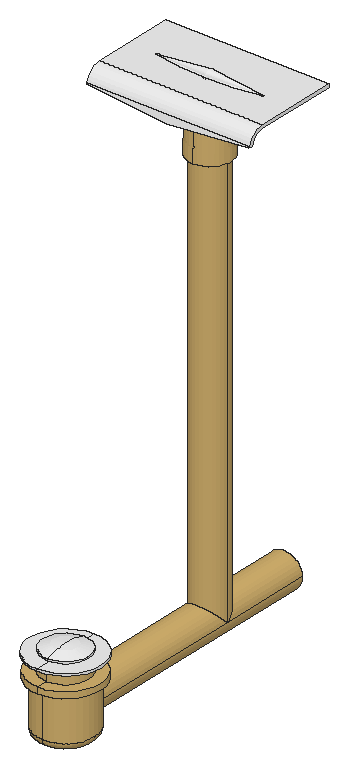
Revit family "Drain-Bath-American_Standard-Deep_Soak-1599_Series", category Mechanical Equipment, Revit 2014
Parameters (values of type "1599.205.002")
  Water Connection Diameter = 1 1/2"  # constant formula
  Waste Connection = yes
  Warranty Information = "Limited Lifetime Function and Finish Warranty"  # constant formula
  WFU = 4  # constant formula
  Vertical Connection Diameter = if(Vertical Length < 1", 0", 1 1/2")  # 0"
  Vertical Connection Description = if(Vertical Length < 1", " ", "1-1/2'' Waste Outlet")  # " "
  Vent Connection = no
  URL = "http://www.americanstandard-us.com/"
  Tub Base Thickness [instance] = 5/8"
  Specification = "Single control lavatory fitting shall feature a cast brass body and escutcheon with all metal handle. Shall also feature washerless ceramic disc valve cartridge with integral hot limit safety stop. Shall also feature a metal drain body with stainless steel cable actuation."  # constant formula
  Product Page URL = "https://www.americanstandard-us.com/bathroom/bath-drains/deep-soak-max-drain-17663"
  Product Documentation Link = "https://www.americanstandard-us.com/-/media/sites/asus/files/product-instruction-manuals/bulk/installation1599205.pdf?la=en"
  Price = "Prices may vary. Please consult Manufacturer Representative for most up-to-date price list."  # constant formula
  Pop-up drain handle = no
  Vertical Length = if(Above Floor, 0", 4")  # 0"
  Model = "1599.205.002"
  Material = "Brass-American Standard-002-Polished Chrome"
  Manufacturer = "American Standard"  # constant formula
  Length = 7 3/4"
  Installation Type = "Deck Mounted"  # constant formula
  Horizontal Length = if(Above Floor, 4", 0")  # 4"
  Horizontal Connection Diameter = if(Horizontal Length < 1", 0", 1 1/2")  # 1 1/2"
  Horizontal Connection Description = if(Horizontal Length < 1", " ", "1-1/2'' Waste Outlet")  # "1-1/2'' Waste Outlet"
  Height = 20 13/16"
  HWFU = 0  # constant formula
  HW Connection = no
  Finish = Brass-American Standard-002-Polished Chrome
  Description = "Deep Soak Max Drain"  # constant formula
  Default Elevation = 0"
  CWFU = 0  # constant formula
  CW Connection = no
  Below Floor = not(Above Floor)  # no
  Assembly Code = "D2030100"
  Above Floor = yes
Types (7): name | Vertical Connection Diameter | Vertical Connection Description | Vertical Length | Model | Material | Horizontal Length | Horizontal Connection Diameter | Horizontal Connection Description | Finish | Below Floor | Above Floor
  (no name) | 0" | " " | 0" | "1599.205.002" | "Brass-American Standard-002-Polished Chrome" | 4" | 1 1/2" | "1-1/2'' Waste Outlet" | Brass-American Standard-002-Polished Chrome | no | yes
  1599.205.002 | 0" | " " | 0" | "1599.205.002" | "Brass-American Standard-002-Polished Chrome" | 4" | 1 1/2" | "1-1/2'' Waste Outlet" | Brass-American Standard-002-Polished Chrome | no | yes
  1599.205.011 | 1 1/2" | "1-1/2'' Waste Outlet" | 4" | "1599.205.011" | "Brass-American Standard-011-Arctic" | 0" | 0" | " " | Brass-American Standard-011-Arctic | yes | no
  1599.205.020 | 1 1/2" | "1-1/2'' Waste Outlet" | 4" | "1599.205.020" | "Brass-American Standard-020-White" | 0" | 0" | " " | Brass-American Standard-020-White | yes | no
  1599.205.099 | 1 1/2" | "1-1/2'' Waste Outlet" | 4" | "1599.205.099" | "Brass-American Standard-099-PVD Polished Brass" | 0" | 0" | " " | Brass-American Standard-099-PVD Polished Brass | yes | no
  1599.205.222 | 1 1/2" | "1-1/2'' Waste Outlet" | 4" | "1599.205.222" | "Brass-American Standard-222-Linen" | 0" | 0" | " " | Brass-American Standard-222-Linen | yes | no
  1599.205.295 | 1 1/2" | "1-1/2'' Waste Outlet" | 4" | "1599.205.295" | "Brass-American Standard-295-Brushed Nickel" | 0" | 0" | " " | Brass-American Standard-295-Brushed Nickel | yes | no
Reference planes (in)
  plane 1 "Center (Front/Back)": y = 0
  plane 2: z = 0
  plane 3 "Center (Left/Right)": x = 0
  plane 4: y = 7.75
  plane 5: z = -1.875
  plane 6: z = 18.9375
  plane 7: z = -0.55637
  plane 8: z = 0.06863
  plane 9: x = 3.5
  plane 10: x = -3.5
  plane 11: x = -2.32282
  plane 12: x = 2.32282
  plane 13: y = 11.75
Forms (in)
  Revolve 1, solid, material "Brass-American Standard-002-Polished Chrome" <- "Finish"
    sketch origin (0, 0, 0) x (0, 1, 0) y (0, 0, 1)
      loop
        line (0, 0.06863) -> (1.53513, 0.06863) -> (1.53513, 0.16676) -> (0.83654, 0.16676) -> (0.83654, 0.24101) -> (0.97491, 0.24101) -> (0.97491, 0.31188)
        arc (0.97491, 0.31188) -> (0.49632, 0.45153) -> (0, 0.49865) r 2.63786
        line (0, 0.49865) -> (0, 0.06863)
      axis (0, 0.49865) -> (0, 0.06863)
    angle from 0 to 360
  Revolve 2, solid, material "Brass-American Standard-Satin"
    sketch origin (0, 0, 0) x (0, 1, 0) y (0, 0, 1)
      loop
        line (0, 0.06863) -> (-1, 0.06863) -> (-1, -0.55637) -> (-1.5, -0.55637) -> (-1.5, -0.80637) -> (-1.25, -0.80637) -> (-1.25, -2.68577)
        arc (-1.25, -2.68577) -> (-1.15796, -2.90796) -> (-0.93577, -3) r 0.31423
        line (-0.93577, -3) -> (0, -3) -> (0, 0.06863)
      axis (0, 0.06863) -> (0, -3)
    angle from 0 to 360
  Extrusion 3, solid, material "Brass-American Standard-Satin"
    sketch origin (0, 0, 0) x (1, 0, 0) y (0, 0, 1)
      loop
        circle (0, -1.875) r 0.75
    from -11.75 to 0
  Extrusion 4, solid, material "Brass-American Standard-Satin"
    sketch origin (0, 0, 0) x (1, 0, 0) y (0, 1, 0)
      loop
        circle (0, 7.75) r 0.75
    from -1.875 to 15.9375
  Revolve 5, solid, material "Brass-American Standard-Satin"
    sketch origin (0, 0, 0) x (0, 1, 0) y (0, 0, 1)
      loop
        line (7.75, 15.9375) -> (8.66705, 15.9375) -> (8.58553, 18.27205)
        arc (8.58553, 18.27205) -> (8.37541, 18.74398) -> (7.89644, 18.9375) r 0.68951
        line (7.89644, 18.9375) -> (7.75, 18.9375) -> (7.75, 15.9375)
      axis (7.75, 15.9375) -> (7.75, 18.9375)
    angle from 0 to 360
  Extrusion 6, solid, material "Brass-American Standard-002-Polished Chrome" <- "Finish"
    sketch origin (0, 0, 0) x (0, 1, 0) y (0, 0, 1)
      loop
        line (9.75, 18.9375) -> (6.21932, 18.9375)
        arc (6.21932, 18.9375) -> (5.76275, 18.78252) -> (5.49488, 18.38161) r 0.75
        line (5.49488, 18.38161) -> (4.86737, 16.03972) -> (4.98811, 16.00737) -> (5.61562, 18.34926)
        arc (5.61562, 18.34926) -> (5.83884, 18.68335) -> (6.21932, 18.8125) r 0.625
        line (6.21932, 18.8125) -> (9.75, 18.8125) -> (9.75, 18.9375)
    from -3.5 to 3.5
  Extrusion 7, void
    sketch origin (0, 0, 0) x (1, 0, 0) y (0, 0, 1)
      loop
        line (-3.5, 18.34926) -> (-3.5, 15.34926) -> (3.5, 15.34926) -> (3.5, 18.34926)
        arc (3.5, 18.34926) -> (0, 18.08759) -> (-3.5, 18.34926) r 23.53758
    from -6.15011 to -3.88264
  Revolve 8, solid, material "Brass-American Standard-002-Polished Chrome" <- "Finish"
    sketch origin (0, 7.75, 0) x (1, 0, 0) y (0, 0, 1)
      loop
        line (-2.32282, 18.9375) -> (2.32282, 18.9375)
        arc (2.32282, 18.9375) -> (0, 19.16216) -> (-2.32282, 18.9375) r 12.12071
      axis (2.32282, 18.9375) -> (-2.32282, 18.9375)
    angle from -90 to 90
Cuts and joins
  joined: Revolve 2, Extrusion 3, Extrusion 4, Revolve 5
  Extrusion 7 cuts Extrusion 6
  joined: Revolve 1, Extrusion 6, Revolve 8
Dimensions and locks (in)
  "Height": plane 6 to plane 5
  "Length": plane 4 to plane 1 "Center (Front/Back)"
  "Vertical Length": plane 5 to Extrusion 4
  locked: Revolve 5 sketch curve to plane 4 at 0.91705
  locked: Revolve 5 sketch curve to plane 4 at 0.14644
  locked: plane 7 to plane 5 at 1.31863
  locked: level to plane 5 at 1.875
  "Tub Base Thickness": plane 8 to plane 7
  locked: plane 8 to Revolve 1 sketch curve at 0.09813
  locked: plane 8 to Revolve 1 sketch curve at 0.17238
  locked: Revolve 1 sketch curve to plane 1 "Center (Front/Back)" at 0.97491
  locked: Revolve 1 sketch curve to plane 1 "Center (Front/Back)" at 0.83654
  locked: Revolve 1 sketch curve to plane 1 "Center (Front/Back)" at 1.53513
  locked: plane 1 "Center (Front/Back)" to Revolve 2 sketch curve at 1
  locked: plane 1 "Center (Front/Back)" to Revolve 2 sketch curve at 1.5
  locked: plane 1 "Center (Front/Back)" to Revolve 2 sketch curve at 1.25
  locked: plane 5 to Revolve 2 sketch curve at 1.125
  locked: plane 7 to Revolve 2 sketch curve at 0.25
  locked: Revolve 1 sketch curve to Revolve 1 sketch curve at 0.07087
  locked: plane 6 to Extrusion 6 sketch curve at 2.89778
  locked: plane 4 to Extrusion 6 sketch curve at 2.88263
  locked: Extrusion 6 sketch curve to plane 4 at 2
  locked: plane 6 to Extrusion 6 sketch curve at 0.125
  locked: plane 4 to Extrusion 6 sketch curve at 2.76189
  locked: plane 4 to Extrusion 6 sketch curve at 2.13438
  locked: plane 4 to Extrusion 6 sketch curve at 2.25512
  equal spacing: plane 10, plane 3 "Center (Left/Right)", plane 9
  locked: plane 10 to plane 9 at 7
  locked: plane 6 to Extrusion 7 sketch curve at 3.58824
  locked: plane 6 to Extrusion 7 sketch curve at 0.58824
  locked: Extrusion 7 to Extrusion 7 at 2.26747
  locked: plane 4 to Extrusion 7 at 3.86736
  locked: plane 11 to plane 10 at 1.17718
  locked: plane 9 to plane 12 at 1.17718
  "Horizontal Length": plane 13 to plane 4
  "Water Connection Diameter": diameter of Extrusion 3 sketch curve
  "Water Connection Diameter": diameter of Extrusion 4 sketch curve
  radius of Revolve 5 sketch curve = 0.68951"
  radius of Revolve 2 sketch curve = 0.31423"
  radius of Revolve 1 sketch curve = 2.63786"
  radius of Revolve 8 sketch curve = 12.12071"
  aligned and locked: Revolve 1 sketch curve to plane 1 "Center (Front/Back)"
  aligned and locked: plane 1 "Center (Front/Back)" to Revolve 1 sketch curve
  aligned and locked: Revolve 2 sketch curve to plane 1 "Center (Front/Back)"
  aligned and locked: plane 1 "Center (Front/Back)" to Revolve 2 sketch curve
  aligned and locked: plane 3 "Center (Left/Right)" to Extrusion 3 sketch curve
  aligned and locked: plane 5 to Extrusion 3 sketch curve
  aligned and locked: plane 1 "Center (Front/Back)" to Extrusion 3
  aligned and locked: plane 3 "Center (Left/Right)" to Extrusion 4 sketch curve
  aligned and locked: plane 4 to Extrusion 4 sketch curve
  aligned and locked: Revolve 5 sketch curve to plane 4  (x2)
  aligned and locked: Revolve 1 sketch curve to plane 8
  aligned and locked: Revolve 2 sketch curve to plane 8
  aligned and locked: plane 7 to Revolve 2 sketch curve
  aligned and locked: plane 6 to Revolve 5 sketch curve  (x2)
  aligned and locked: Revolve 5 to Extrusion 4
  aligned and locked: Extrusion 6 sketch curve to plane 6
  aligned and locked: plane 6 to Extrusion 6 sketch curve
  aligned and locked: plane 10 to Extrusion 6
  aligned and locked: plane 9 to Extrusion 6
  aligned and locked: Extrusion 7 sketch curve to plane 10
  aligned and locked: Extrusion 7 sketch curve to plane 9
  aligned and locked: plane 12 to Revolve 8 sketch curve
  aligned and locked: plane 11 to Revolve 8 sketch curve
  aligned and locked: plane 6 to Revolve 8 sketch curve  (x2)
  aligned and locked: cut or joined group of Revolve 2, Extrusion 3, Extrusion 4, Revolve 5 to plane 13
  aligned and locked: plane 4 to cut or joined group of Revolve 1, Extrusion 6, Extrusion 7, Revolve 8
Automatic sketch dimensions
  Revolve 1 sketch curve to Revolve 1 sketch curve = 1.37409"
  Revolve 1 sketch curve to Revolve 1 sketch curve = 1/2"
  Revolve 2 sketch curve to plane 8 = 0.93137"
  Revolve 2 sketch curve to Revolve 2 sketch curve = 3/4"
  Revolve 5 sketch curve to plane 6 = 0.66545"
  Revolve 5 sketch curve to Revolve 5 sketch curve = 2.31049"
  plane 6 to Revolve 5 sketch curve = 8.11378"
  Revolve 5 sketch curve to Revolve 5 sketch curve = 2 1/4"
  Extrusion 6 sketch curve to Extrusion 6 sketch curve = 0"  (x2)
  Extrusion 6 sketch curve to Extrusion 6 sketch curve = 0.6037"
  Extrusion 7 sketch curve to plane 3 "Center (Left/Right)" = 0"
  plane 6 to Extrusion 7 sketch curve = 22.68767"
  plane 10 to Revolve 8 sketch curve = 3/4"
  Revolve 8 sketch curve to Revolve 8 sketch curve = 0.39371"
Connectors (in)
  piping at (0, 7.75, -1.875), driven by "WFU", driven by "Vertical Connection Diameter", driven by "Vertical Connection Description"
    settings: on cut or joined group of Revolve 2, Extrusion 3, Extrusion 4, Revolve 5, index 1, connector diameter 0", connector inside diameter 24", connector length 0", flow factor 0, pipe flow 0 GPM, pressure drop 0.00 psi, fitting loss kfactor 0, connector angle 0.00°, fixture units 4, engagement length 0", angle of deflection 0.00°, flow configuration 3, flow direction 2, fitting loss method 0, system type 16, joint type 0, gender type 0, connector reference index -1, connector utility 0, adjustable connector no, is connector primary yes, connector description " "
  piping at (0, 11.75, -1.875), diameter 1.5, driven by "WFU", driven by "Horizontal Connection Diameter", driven by "Horizontal Connection Description"
    settings: on cut or joined group of Revolve 2, Extrusion 3, Extrusion 4, Revolve 5, index 2, connector inside diameter 24", connector length 0", flow factor 0, pipe flow 0 GPM, pressure drop 0.00 psi, fitting loss kfactor 0, connector angle 0.00°, fixture units 4, engagement length 0", angle of deflection 0.00°, flow configuration 3, flow direction 2, fitting loss method 0, system type 16, joint type 0, gender type 0, connector reference index -1, connector utility 0, adjustable connector yes, is connector primary no, connector description "1-1/2'' Waste Outlet"
